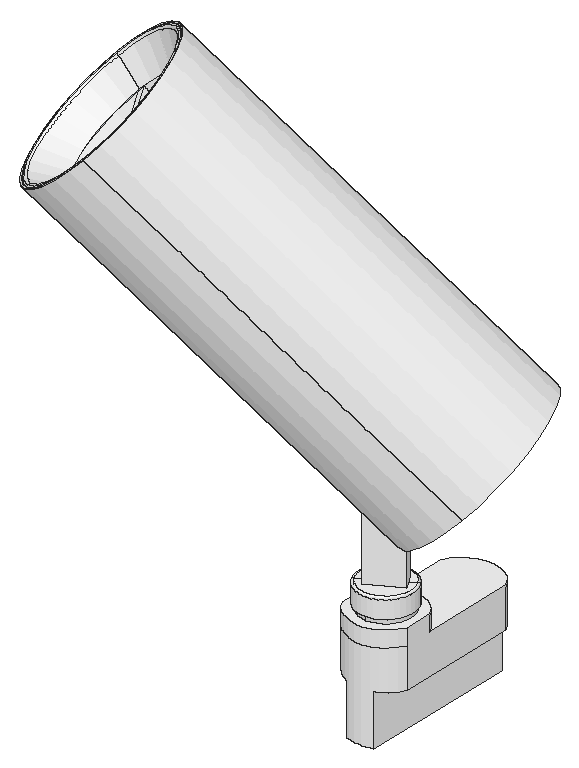
Revit family "0005426 Sylvania Lighting Fixture START Track Spot Integral 930 MB WB WHT", category Lighting Fixtures, host Face, Revit 2017
Family settings
  Host = Face
  Round Connector Dimension = Use Diameter
  Part Type = Normal
  OmniClass Number = 23.80.70.00
  OmniClass Title = Lighting
  Cut with Voids When Loaded = No
  Light Source = No
  Shared = No
  Room Calculation Point = No
Parameters (values of type "0005426 ST TRK SPT INTGRL 4500LM 930 MB WHT")
  Weight = "7.59 kg"
  Wattage Comments = ""
  WarrantyStartDate [instance] = "n/a"
  WarrantyGuarantorParts = "n/a"
  WarrantyDurationUnit = "n/a"
  WarrantyDurationParts = "n/a"
  WarrantyDescription = "n/a"
  Voltage = 230 V
  VerticalRotation_SYL [instance] = 60.00°
  VerticalEndAngle_SYL [instance] = VerticalRotation_SYL - 180.00°  # -120.00°
  URL = "http://www.sylvania-lighting.com"
  TypeName = "START Track Spot Integral 4500lm 930 MB WB WHT"
  TypeHead_SYL = START Track Spot Integral Head : 0005426 ST TRK SPT INTGRL 4500LM 930 MB WHT
  TypeArm_SYL = START Track Spot Integral Arm : START Track Spot Integral WH
  Type Image = <None>
  Type Comments = "n/a"
  SerialNumber [instance] = "n/a"
  Material_3_SYL = none
  PowerFactor = 0
  PowerConsumption = "55 W"
  NominalLength = 0 mm
  NominalHeight = 0 mm
  NominalDepth = 0 mm
  Name = "START Track Spot Integral 4500lm 930 MB WB WHT"
  ModelReference = Name  # "START Track Spot Integral 4500lm 930 MB WB WHT"
  ModelNumber = "0005426"
  Model = Name  # "START Track Spot Integral 4500lm 930 MB WB WHT"
  Material = "n/a"
  ManufacturerName = "Feilo Sylvania"
  Manufacturer = "Feilo Sylvania"
  LuminousEfficacy = "88.23 lm/W"
  LuminaireType = ""
  LightOutputRatio = "n/a"
  LampsType = Lamp  # "LED"
  LampNominalLuminous = "4700 lm"
  LampMacAdamStep = "3"
  LampColourTemperature = "3000"
  LampColourRenderingIndex = "90"
  Lamp = "LED"
  Keynote = "16500"
  InstallationDate [instance] = "n/a"
  InputVoltage = "220-240V~"
  InputNominalFrequency = "50/60 Hz"
  IngressProtection = "IP20"
  ImpactProtectionIndex = "IK03"
  IfcExportType = "IfcLightFixtureType"
  IfcExportAs = "IfcLightFixtureType"
  HorizontalRotation_SYL [instance] = 45.00°
  ExpectedLife = 50000
  ElectricShockClassification = "Class I"
  DurationUnit = "hours"
  DocumentationLiterature = "http://www.sylvania-lighting.com/product/en-int/products/0005426"
  DimmingControlOptions = "Non dimmable"
  Material_2_SYL = Spacer-Sylvania-StartTrackSpot-Aluminium
  Description = ""
  Default Elevation = 1219.2 mm
  CreatedOn = "9/6/2018"
  CreatedBy = ""
  Cost = 0
  built-in parameter 1114216 [instance] = (empty or 0)
  ClassificationValue = "EF_70_80"
  ClassificationName = "Uniclass2015"
  Material_1_SYL = Body-Sylvania-StartTrackSpot-White
  BarCode [instance] = "n/a"
  AssetType = "Fixed"
  AssetIdentifier [instance] = "n/a"
  Assembly Code = "D5020200"
  Apparent Load = 55 VA
  Material_4_SYL = none
Types (2, lengths in mm): name | TypeName | TypeHead_SYL | Name | ModelReference | Model | LuminousEfficacy | LampNominalLuminous
  0005426 ST TRK SPT INTGRL 4500LM 930 MB WHT | "START Track Spot Integral 4500lm 930 MB WB WHT" | START Track Spot Integral Head : 0005426 ST TRK SPT INTGRL 4500LM 930 MB WHT | "START Track Spot Integral 4500lm 930 MB WB WHT" | "START Track Spot Integral 4500lm 930 MB WB WHT" | "START Track Spot Integral 4500lm 930 MB WB WHT" | "88.23 lm/W" | "4700 lm"
  0005426 ST TRK SPT INTGRL 5000LM 930 WB WHT | "START Track Spot Integral 5000lm 930 MB WB WHT" | START Track Spot Integral Head : 0005426 ST TRK SPT INTGRL 5000LM 930 WB WHT | "START Track Spot Integral 5000lm 930 MB WB WHT" | "START Track Spot Integral 5000lm 930 MB WB WHT" | "START Track Spot Integral 5000lm 930 MB WB WHT" | "91.17 lm/W" | "5000 lm"
Reference planes
  plane 1 "Center (Front/Back)": y = 0
  plane 2: z = 0
  plane 3 "Center (Left/Right)": x = 0
  plane 4: x = 16.6
  plane 5: x = -16.6
  plane 6: x = 7
  plane 7: x = -7
  plane 8: x = -12.8
  plane 9: y = 42
  plane 10: y = 42
  plane 11: y = -42
  plane 12: y = 31.4
  plane 13: y = -31.4
  plane 14: z = -26
  plane 15: z = 20.3
  plane 16: z = 28.5
  plane 17: z = 31.2
  plane 18: y = -17.4
  plane 19: y = -6.8
  plane 20: y = -24.4
Forms (mm)
  Extrusion 1, solid, material "Body-Sylvania-StartTrackSpot-White" <- "Material_1_SYL"
    sketch origin (0, 0, 0) x (1, 0, 0) y (0, 1, 0)
      loop
        line (-16.6, 31.4) -> (-16.6, -31.4)
        arc (-16.6, -31.4) -> (0, -42) -> (16.6, -31.4) r 18.298
        line (16.6, -31.4) -> (16.6, 31.4)
        arc (16.6, 31.4) -> (0, 42) -> (-16.6, 31.4) r 18.298
    from -26 to 20.3
  Extrusion 2, void
    sketch origin (0, 0, 0) x (1, 0, 0) y (0, 1, 0)
      loop
        arc (-7, 40.608) -> (-12.666, 36.907) -> (-16.6, 31.4) r 18.298
        line (-16.6, 31.4) -> (-16.6, -31.4)
        arc (-16.6, -31.4) -> (-12.666, -36.907) -> (-7, -40.608) r 18.298
        line (-7, -40.608) -> (-7, 40.608)
      loop
        line (16.6, -31.4) -> (16.6, 31.4)
        arc (16.6, 31.4) -> (12.666, 36.907) -> (7, 40.608) r 18.298
        line (7, 40.608) -> (7, -40.608)
        arc (7, -40.608) -> (12.666, -36.907) -> (16.6, -31.4) r 18.298
    from 0 to -26
  Extrusion 3, solid, material "Body-Sylvania-StartTrackSpot-White" <- "Material_1_SYL"
    sketch origin (1223.4, -4572, 20.3) x (0, -1, 0) y (-1, 0, 0)
      loop
        line (-4540.6, 1240) -> (-4554.6, 1240)
        arc (-4554.6, 1240) -> (-4565.2, 1223.4) -> (-4554.6, 1206.8) r 18.298
        line (-4554.6, 1206.8) -> (-4540.6, 1206.8)
        arc (-4540.6, 1206.8) -> (-4530, 1223.4) -> (-4540.6, 1240) r 18.298
    from -8.2 to 0
  Extrusion 4, solid, material "Spacer-Sylvania-StartTrackSpot-Aluminium" <- "Material_2_SYL"
    sketch origin (1223.4, -4572, 28.5) x (0, -1, 0) y (-1, 0, 0)
      loop
        circle (-4547.6, 1223.4) r 12.7
    from 0 to -2.7
  Revolve 5, solid, not visible
    sketch origin (1524, -24.4, 1219.2) x (1, 0, 0) y (0, 0, 1)
      loop
        line (-1524, -1188) -> (-1524, -1168.735) -> (-1531, -1168.735) -> (-1531, -1188) -> (-1524, -1188)
      axis (-1524, -1168.735) -> (-1524, -1188)
    angle from 60 <- "VerticalRotation_SYL" to -120 <- "VerticalEndAngle_SYL"
Cuts and joins
  Extrusion 2 cuts Extrusion 1
  joined: Extrusion 1, Extrusion 3
Lines and regions (mm)
  reference lines
    curve 1: circle (0, -24.4, 0) r 12.7 normal (0, 0, 1)
    curve 2: arc (-16.6, -31.4, 0) -> (0, -42, 0) -> (16.6, -31.4, 0) r 18.298
    curve 3: arc (-16.6, -17.4, 0) -> (0, -6.8, 0) -> (16.6, -17.4, 0) r 18.298
    curve 4: arc (-16.6, 31.4, 0) -> (0, 42, 0) -> (16.6, 31.4, 0) r 18.298
Dimensions and locks
  plane 6 to plane 3 "Center (Left/Right)" to plane 7 = 7 mm locked, 7 mm locked
  plane 4 to plane 3 "Center (Left/Right)" to plane 5 = 16.6 mm locked, 16.6 mm locked
  locked: plane 3 "Center (Left/Right)" to plane 8 at 12.8
  plane 11 to plane 1 "Center (Front/Back)" to plane 10 = 42 mm locked, 42 mm locked
  plane 13 to plane 1 "Center (Front/Back)" to plane 12 = 31.4 mm locked, 31.4 mm locked
  locked: plane 2 to plane 14 at 26
  locked: plane 15 to plane 2 at 20.3
  plane 17 to plane 16 to plane 15 = 2.7 mm locked, 8.2 mm locked
  locked: plane 13 to plane 18 at 14
  locked: plane 18 to plane 19 at 10.6
  equal spacing: plane 13, plane 20, plane 18
  locked: plane 20 to curve 2 at 0.698
  locked: curve 3 to plane 20 at 0.698
  aligned and locked: plane 2 to host face
  aligned and locked: level to host face
  aligned and locked: plane 3 "Center (Left/Right)" to curve 1
  aligned and locked: plane 20 to curve 1
  aligned and locked: plane 13 to curve 2  (x2)
  aligned and locked: plane 18 to curve 3  (x2)
  aligned and locked: plane 12 to curve 4  (x2)
  aligned and locked: plane 4 to curve 4
  aligned and locked: plane 3 "Center (Left/Right)" to curve 4
  aligned and locked: plane 5 to curve 2
  aligned and locked: plane 5 to curve 3
  aligned and locked: plane 4 to curve 3
  aligned and locked: plane 4 to curve 2
  aligned and locked: plane 12 to Extrusion 1 sketch curve
  aligned and locked: plane 13 to Extrusion 1 sketch curve
  aligned and locked: Extrusion 1 sketch curve to curve 4
  aligned and locked: Extrusion 1 sketch curve to curve 2
  aligned and locked: Extrusion 1 to plane 15
  aligned and locked: plane 14 to Extrusion 1
  aligned and locked: Extrusion 2 sketch curve to Extrusion 1  (x5)
  aligned and locked: Extrusion 2 sketch curve to plane 7
  aligned and locked: plane 14 to Extrusion 2
  aligned and locked: level to Extrusion 2
  aligned and locked: Extrusion 3 sketch curve to cut or joined group of Extrusion 1, Extrusion 2, Extrusion 3  (x2)
  aligned and locked: Extrusion 3 sketch curve to curve 3
  aligned and locked: cut or joined group of Extrusion 1, Extrusion 2, Extrusion 3 to Extrusion 3 sketch curve
  aligned and locked: Extrusion 3 to plane 16
  aligned and locked: plane 15 to Extrusion 3
  aligned and locked: Extrusion 4 sketch curve to curve 1
  aligned and locked: Extrusion 4 to plane 17
  aligned and locked: plane 16 to Extrusion 4
  aligned and locked: Revolve 5 sketch curve to plane 3 "Center (Left/Right)"
  aligned and locked: Extrusion 4 to Revolve 5 sketch curve
  aligned and locked: Revolve 5 sketch curve to Extrusion 4
  aligned and locked: plane 17 to nested 1
Automatic sketch dimensions
  host sketch curve to host sketch curve = 2438.4 mm  (x2)
  plane 12 to curve 4 = 7.698 mm
  plane 12 to Extrusion 2 sketch curve = 0 mm
  Extrusion 2 sketch curve to Extrusion 2 sketch curve = 0 mm  (x2)
  Extrusion 2 sketch curve to plane 6 = 0 mm
  Revolve 5 sketch curve to plane 7 = 0 mm
  Revolve 5 sketch curve to Revolve 5 sketch curve = 19.265 mm
  plane 14 to Revolve 5 sketch curve = 583.6 mm
  Revolve 5 sketch curve to Revolve 5 sketch curve = 2558.594 mm
  radius of curve 1 = 12.7 mm
Nested families
  nested 1: "START Track Spot Integral Arm" at (0, -24.4, 31.2) x (0, 0, -1) z (0.866, 0.5, 0), type <- "TypeArm_SYL", HorizontalRotation_SYL <- "HorizontalRotation_SYL", type "START Track Spot Integral WH"
    with HorizontalRotation_SYL 45.00°, HorizontalEndAngle_SYL -135.00°
  nested 2: "START Track Spot Integral Head" at (22.045, -11.672, 108.656) x (-0.5, 0.866, 0) z (0.6124, 0.3536, -0.7071), type <- "TypeHead_SYL", type "0005426 ST TRK SPT INTGRL 4500LM 930 MB WHT"
    with built-in parameter 1114216 (empty or 0)
Connectors
  electrical at (0, 0, 0), driven by "Apparent Load", driven by "PowerFactor", driven by "Voltage"
    settings: index 1, voltage 230 V, apparent load 55 VA, apparent load phase1 0 VA, apparent load phase2 0 VA, apparent load phase3 0 VA, power factor 0, load classification "Lighting", number of poles 1, system type 30, power factor state 1, is connector primary yes, connector utility no, sub classification motor no, connector description ""
Definition of nested family "START Track Spot Integral Arm"
  Parameters (values of type "START Track Spot Integral WH")
    URL = "http://www.sylvania-lighting.com"
    Type Image = (empty or 0)
    Type Comments = "n/a"
    Material_3_SYL = none
    Model = ""
    Manufacturer = "Feilo Sylvania"
    Keynote = ""
    Material_2_SYL = none
    HorizontalRotation_SYL [instance] = 0.00°
    HorizontalEndAngle_SYL [instance] = HorizontalRotation_SYL - 180.00°  # -180.00°
    Description = ""
    Default Elevation = 1219.2 mm
    Cost = 0
    Material_1_SYL = none
    Assembly Code = ""
    Material_4_SYL = none
  Types (2): name
    START Track Spot Integral WH
    START Track Spot Integral BL
  Reference planes
    plane 1 "Center (Front/Back)": y = 0
    plane 2: z = 0
    plane 3 "Center (Left/Right)": x = 0
    plane 4: x = -10
    plane 5: z = -14
    plane 6: z = -14
    plane 7: z = 14
    plane 8: x = -52
    plane 9: z = 9
    plane 10: z = -9
    plane 11: x = -60
    plane 12: y = 4.5
    plane 13: y = -4.5
    plane 14: x = -9
    plane 15: z = 13
    plane 16: z = 4
    plane 17: z = -4
    plane 18: x = -55
  Forms (mm)
    Extrusion 1, solid
      sketch origin (4.2, 0, 0) x (1, 0, 0) y (0, 1, 0)
        loop
          line (-1219.2, 1219.2) -> (-1219.2, -1219.2) -> (1219.2, -1219.2) -> (1219.2, 1219.2) -> (-1219.2, 1219.2)
      from 0 to -68.017
    Revolve 2, solid, material <- "Material_1_SYL"
      sketch origin (0, 0, 0) x (1, 0, 0) y (0, 0, 1)
        loop
          line (0, 0) -> (0, 14) -> (-9, 14)
          arc (-9, 14) -> (-9.707, 13.707) -> (-10, 13) r 1
          line (-10, 13) -> (-10, 0) -> (0, 0)
        axis (-10, 0) -> (0, 0)
      angle from 360 to 0
    Extrusion 3, solid, material <- "Material_1_SYL"
      sketch origin (0, 0, 0) x (1, 0, 0) y (0, 0, 1)
        loop
          line (-10, 9) -> (-55, 9)
          arc (-55, 9) -> (-58.536, 7.536) -> (-60, 4) r 5
          line (-60, 4) -> (-60, -4)
          arc (-60, -4) -> (-58.536, -7.536) -> (-55, -9) r 5
          line (-55, -9) -> (-10, -9) -> (-10, 9)
      from -4.5 to 4.5
    Revolve 4, solid, not visible
      sketch origin (-52, -4572, 2609.058) x (0, 0, 1) y (0, -1, 0)
        loop
          line (-2609.058, -4553.46) -> (-2609.058, -4590.54) -> (-2605.058, -4590.54) -> (-2605.058, -4553.46) -> (-2609.058, -4553.46)
        axis (-2609.058, -4553.46) -> (-2609.058, -4590.54)
      angle from 0 <- "HorizontalRotation_SYL" to -180 <- "HorizontalEndAngle_SYL"
  Dimensions and locks
    locked: plane 3 "Center (Left/Right)" to plane 4 at 10
    plane 7 to plane 2 to plane 6 = 14 mm locked, 14 mm locked
    locked: plane 4 to plane 8 at 42
    plane 13 to plane 1 "Center (Front/Back)" to plane 12 = 4.5 mm locked, 4.5 mm locked
    locked: plane 14 to plane 4 at 1
    locked: plane 7 to plane 15 at 1
    locked: plane 9 to plane 16 at 5
    locked: plane 17 to plane 10 at 5
    equal spacing: Revolve 4 sketch curve, plane 1 "Center (Front/Back)", Revolve 4 sketch curve
    locked: Revolve 4 sketch curve to plane 1 "Center (Front/Back)" at 18.54
    locked: plane 18 to plane 11 at 5
    locked: plane 4 to plane 11 at 50
    aligned and locked: plane 2 to Extrusion 1
    aligned and locked: level to Extrusion 1
    aligned and locked: level to Revolve 2 sketch curve  (x2)
    aligned and locked: plane 3 "Center (Left/Right)" to Revolve 2 sketch curve
    aligned and locked: Revolve 2 sketch curve to plane 7
    aligned and locked: plane 4 to Revolve 2 sketch curve
    aligned and locked: plane 15 to Revolve 2 sketch curve
    aligned and locked: plane 14 to Revolve 2 sketch curve
    aligned and locked: Revolve 2 sketch curve to plane 2
    aligned and locked: Extrusion 3 sketch curve to plane 9
    aligned and locked: plane 4 to Extrusion 3 sketch curve
    aligned and locked: plane 10 to Extrusion 3 sketch curve
    aligned and locked: Extrusion 3 sketch curve to plane 11
    aligned and locked: plane 13 to Extrusion 3
    aligned and locked: Extrusion 3 to plane 12
    aligned and locked: plane 16 to Extrusion 3 sketch curve
    aligned and locked: plane 17 to Extrusion 3 sketch curve
    aligned and locked: Revolve 4 sketch curve to level
    aligned and locked: Revolve 4 sketch curve to plane 16
    aligned and locked: Revolve 4 sketch curve to plane 2
    aligned and locked: plane 18 to Extrusion 3 sketch curve  (x2)
Definition of nested family "START Track Spot Integral Head"
  Parameters (values of type "0005432 ST TRK SPT INTGRL 5000LM 940 WB WHT")
    WidthCutOut_SYL = 9.5 mm  # constant formula
    Wattage Comments = "n/a"
    Wattage = 55 W
    built-in parameter 1150110 = 1 (stored number, unit not read)
    URL = "http://www.sylvania-lighting.com"
    Type Image = (empty or 0)
    Type Comments = "n/a"
    built-in parameter 1114217 = 1 (stored number, unit not read)
    Tilt Angle = 90.00°
    built-in parameter 1150109 = 1 (stored number, unit not read)
    built-in parameter 1150134 = 12
    built-in parameter 1150113 = 1 (stored number, unit not read)
    S_SYL = no
    RadiusLensOut_SYL = if(S_SYL, 21 mm, if(M_SYL, 30.5 mm, 33 mm))  # 33 mm
    RadiusLensHolder_SYL = 1.8 mm  # constant formula
    RadiusHead_SYL = if(S_SYL, 30 mm, if(M_SYL, 40 mm, 45.5 mm))  # 45.5 mm
    RadiusEmission_SYL = if(S_SYL, 8 mm, if(M_SYL, 16.5 mm, 16.5 mm))  # 16.5 mm
    Photometric Web File = "0005432 WB.ies"
    Material_3_SYL = none
    Model = "ST TRK SPT INTGRL 5000LM 940 WB WHT"
    Manufacturer = "Feilo Sylvania"
    M_SYL = no
    built-in parameter 1150105 = 397.89 (stored number, unit not read)
    Lumens = 5000 lm
    built-in parameter 1150115 = 1 (stored number, unit not read)
    built-in parameter 1150137 = (empty or 0)
    built-in parameter 1150139 = (empty or 0)
    built-in parameter 1150112 = 1 (stored number, unit not read)
    built-in parameter 1150114 = 1 (stored number, unit not read)
    Lamp = "LED"
    Keynote = "16500"
    Material_2_SYL = none
    built-in parameter 1150132 = (empty or 0)
    built-in parameter 1150102 = (empty or 0)
    built-in parameter 1150107 = 4000 (stored number, unit not read)
    built-in parameter 1150138 = (empty or 0)
    built-in parameter 1150106 = 3.9789 (stored number, unit not read)
    Height_SYL = if(S_SYL, 160 mm, if(M_SYL, 200 mm, 215 mm))  # 215 mm
    Emit from Circle Diameter = RadiusLensOut_SYL * 2  # 66 mm
    Emit Shape Visible in Rendering = no
    built-in parameter 1150104 = 8.4457 (stored number, unit not read)
    DistRotateAxisY_SYL = 16.8 mm  # constant formula
    Dimming Lamp Color Temperature Shift = (empty or 0)
    Description = ""
    DepthLens_SYL = 1.25 * (RadiusHead_SYL - 1 mm - RadiusLensOut_SYL)  # 14.375 mm
    DepthEmission_SYL = Height_SYL / 6.4  # 33.594 mm
    DepthCutOut_SYL = WidthCutOut_SYL * 2  # 19 mm
    Default Elevation = 1219.2 mm
    Cost = 0
    Color Filter = 16777215
    built-in parameter 1114216 [instance] = (empty or 0)
    Material_1_SYL = none
    built-in parameter 1114218 = 1 (stored number, unit not read)
    built-in parameter 1150133 = 10 (stored number, unit not read)
    Assembly Code = "D5020200"
    Apparent Load = 55 VA
    Material_4_SYL = none
  Types (24, lengths in mm): name | Wattage | built-in parameter 1150134 | S_SYL | RadiusLensOut_SYL | RadiusHead_SYL | RadiusEmission_SYL | Photometric Web File | Model | M_SYL | built-in parameter 1150105 | Lumens | built-in parameter 1150107 | built-in parameter 1150106 | Height_SYL | Emit from Circle Diameter | built-in parameter 1150104 | DepthLens_SYL | DepthEmission_SYL | Apparent Load
    0005433 ST TRK SPT INTGRL 5000LM 940 WB BLK | 55 W | 12 | no | 33 | 45.5 | 16.5 | "0005433 WB.ies" | "ST TRK SPT INTGRL 5000LM 940 WB BLK" | no | 397.89 (stored number, unit not read) | 5000 lm | 4000 (stored number, unit not read) | 3.9789 (stored number, unit not read) | 215 | 66 | 8.4457 (stored number, unit not read) | 14.375 | 33.594 | 55 VA
    0005433 ST TRK SPT INTGRL 5000LM 940 MB BLK | 55 W | 12 | no | 33 | 45.5 | 16.5 | "0005433 MB.ies" | "ST TRK SPT INTGRL 5000LM 940 MB BLK" | no | 397.89 (stored number, unit not read) | 5000 lm | 4000 (stored number, unit not read) | 3.9789 (stored number, unit not read) | 215 | 66 | 8.4457 (stored number, unit not read) | 14.375 | 33.594 | 55 VA
    0005432 ST TRK SPT INTGRL 5000LM 940 WB WHT | 55 W | 12 | no | 33 | 45.5 | 16.5 | "0005432 WB.ies" | "ST TRK SPT INTGRL 5000LM 940 WB WHT" | no | 397.89 (stored number, unit not read) | 5000 lm | 4000 (stored number, unit not read) | 3.9789 (stored number, unit not read) | 215 | 66 | 8.4457 (stored number, unit not read) | 14.375 | 33.594 | 55 VA
    0005432 ST TRK SPT INTGRL 5000LM 940 MB WHT | 55 W | 12 | no | 33 | 45.5 | 16.5 | "0005432 MB.ies" | "ST TRK SPT INTGRL 5000LM 940 MB WHT" | no | 397.89 (stored number, unit not read) | 5000 lm | 4000 (stored number, unit not read) | 3.9789 (stored number, unit not read) | 215 | 66 | 8.4457 (stored number, unit not read) | 14.375 | 33.594 | 55 VA
    0005431 ST TRK SPT INTGRL 3000LM 940 WB BLK | 33 W | 12 | no | 30.5 | 40 | 16.5 | "0005431 WB.ies" | "ST TRK SPT INTGRL 3000LM 940 WB BLK" | yes | 238.73 (stored number, unit not read) | 3000 lm | 4000 (stored number, unit not read) | 2.3873 (stored number, unit not read) | 200 | 61 | 8.4457 (stored number, unit not read) | 10.625 | 31.25 | 33 VA
    0005431 ST TRK SPT INTGRL 3000LM 940 MB BLK | 33 W | 12 | no | 30.5 | 40 | 16.5 | "0005431 MB.ies" | "ST TRK SPT INTGRL 3000LM 940 MB BLK" | yes | 238.73 (stored number, unit not read) | 3000 lm | 4000 (stored number, unit not read) | 2.3873 (stored number, unit not read) | 200 | 61 | 8.4457 (stored number, unit not read) | 10.625 | 31.25 | 33 VA
    0005430 ST TRK SPT INTGRL 3000LM 940 WB WHT | 33 W | 12 | no | 30.5 | 40 | 16.5 | "0005430 WB.ies" | "ST TRK SPT INTGRL 3000LM 940 WB WHT" | yes | 238.73 (stored number, unit not read) | 3000 lm | 4000 (stored number, unit not read) | 2.3873 (stored number, unit not read) | 200 | 61 | 8.4457 (stored number, unit not read) | 10.625 | 31.25 | 33 VA
    0005430 ST TRK SPT INTGRL 3000LM 940 MB WHT | 33 W | 12 | no | 30.5 | 40 | 16.5 | "0005430 MB.ies" | "ST TRK SPT INTGRL 3000LM 940 MB WHT" | yes | 238.73 (stored number, unit not read) | 3000 lm | 4000 (stored number, unit not read) | 2.3873 (stored number, unit not read) | 200 | 61 | 8.4457 (stored number, unit not read) | 10.625 | 31.25 | 33 VA
    0005429 ST TRK SPT INTGRL 1500LM 940 WB BLK | 17 W | 12 | yes | 21 | 30 | 8 | "0005429 WB.ies" | "ST TRK SPT INTGRL 1500LM 940 WB BLK" | no | 119.37 (stored number, unit not read) | 1500 lm | 4000 (stored number, unit not read) | 1.1937 (stored number, unit not read) | 160 | 42 | 8.1973 (stored number, unit not read) | 10 | 25 | 17 VA
    0005429 ST TRK SPT INTGRL 1500LM 940 MB BLK | 17 W | 12 | yes | 21 | 30 | 8 | "0005429 MB.ies" | "ST TRK SPT INTGRL 1500LM 940 MB BLK" | no | 119.37 (stored number, unit not read) | 1500 lm | 4000 (stored number, unit not read) | 1.1937 (stored number, unit not read) | 160 | 42 | 8.1973 (stored number, unit not read) | 10 | 25 | 17 VA
    0005428 ST TRK SPT INTGRL 1500LM 940 WB WHT | 17 W | 12 | yes | 21 | 30 | 8 | "0005428 WB.ies" | "ST TRK SPT INTGRL 1500LM 940 WB WHT" | no | 119.37 (stored number, unit not read) | 1500 lm | 4000 (stored number, unit not read) | 1.1937 (stored number, unit not read) | 160 | 42 | 8.1973 (stored number, unit not read) | 10 | 25 | 17 VA
    0005428 ST TRK SPT INTGRL 1500LM 940 MB WHT | 17 W | 12 | yes | 21 | 30 | 8 | "0005428 MB.ies" | "ST TRK SPT INTGRL 1500LM 940 MB WHT" | no | 119.37 (stored number, unit not read) | 1500 lm | 4000 (stored number, unit not read) | 1.1937 (stored number, unit not read) | 160 | 42 | 8.1973 (stored number, unit not read) | 10 | 25 | 17 VA
    0005427 ST TRK SPT INTGRL 4500LM 930 WB BLK | 55 W | (empty or 0) | no | 33 | 45.5 | 16.5 | "0005427 WB.ies" | "ST TRK SPT INTGRL 4500LM 930 WB BLK" | no | 358.1 (stored number, unit not read) | 4500 lm | 3000 (stored number, unit not read) | 3.581 (stored number, unit not read) | 215 | 66 | 7.6012 (stored number, unit not read) | 14.375 | 33.594 | 55 VA
    0005427 ST TRK SPT INTGRL 4500LM 930 MB BLK | 55 W | (empty or 0) | no | 33 | 45.5 | 16.5 | "0005427 MB.ies" | "ST TRK SPT INTGRL 4500LM 930 MB BLK" | no | 358.1 (stored number, unit not read) | 4500 lm | 3000 (stored number, unit not read) | 3.581 (stored number, unit not read) | 215 | 66 | 7.6012 (stored number, unit not read) | 14.375 | 33.594 | 55 VA
    0005426 ST TRK SPT INTGRL 4500LM 930 WB WHT | 55 W | (empty or 0) | no | 33 | 45.5 | 16.5 | "0005426 WB.ies" | "ST TRK SPT INTGRL 4500LM 930 WB WHT" | no | 358.1 (stored number, unit not read) | 4500 lm | 3000 (stored number, unit not read) | 3.581 (stored number, unit not read) | 215 | 66 | 7.6012 (stored number, unit not read) | 14.375 | 33.594 | 55 VA
    0005426 ST TRK SPT INTGRL 4500LM 930 MB WHT | 55 W | (empty or 0) | no | 33 | 45.5 | 16.5 | "0005426 MB.ies" | "ST TRK SPT INTGRL 4500LM 930 MB WHT" | no | 358.1 (stored number, unit not read) | 4500 lm | 3000 (stored number, unit not read) | 3.581 (stored number, unit not read) | 215 | 66 | 7.6012 (stored number, unit not read) | 14.375 | 33.594 | 55 VA
    0005425 ST TRK SPT INTGRL 2700LM 930 WB BLK | 33 W | (empty or 0) | no | 30.5 | 40 | 16.5 | "0005425 WB.ies" | "ST TRK SPT INTGRL 2700LM 930 WB BLK" | yes | 214.86 (stored number, unit not read) | 2700 lm | 3000 (stored number, unit not read) | 2.1486 (stored number, unit not read) | 200 | 61 | 7.6012 (stored number, unit not read) | 10.625 | 31.25 | 33 VA
    0005425 ST TRK SPT INTGRL 2700LM 930 MB BLK | 33 W | (empty or 0) | no | 30.5 | 40 | 16.5 | "0005425 MB.ies" | "ST TRK SPT INTGRL 2700LM 930 MB BLK" | yes | 214.86 (stored number, unit not read) | 2700 lm | 3000 (stored number, unit not read) | 2.1486 (stored number, unit not read) | 200 | 61 | 7.6012 (stored number, unit not read) | 10.625 | 31.25 | 33 VA
    0005424 ST TRK SPT INTGRL 2700LM 930 WB WHT | 33 W | (empty or 0) | no | 30.5 | 40 | 16.5 | "0005424 WB.ies" | "ST TRK SPT INTGRL 2700LM 930 WB WHT" | yes | 214.86 (stored number, unit not read) | 2700 lm | 3000 (stored number, unit not read) | 2.1486 (stored number, unit not read) | 200 | 61 | 7.6012 (stored number, unit not read) | 10.625 | 31.25 | 33 VA
    0005424 ST TRK SPT INTGRL 2700LM 930 MB WHT | 33 W | (empty or 0) | no | 30.5 | 40 | 16.5 | "0005424 MB.ies" | "ST TRK SPT INTGRL 2700LM 930 MB WHT" | yes | 214.86 (stored number, unit not read) | 2700 lm | 3000 (stored number, unit not read) | 2.1486 (stored number, unit not read) | 200 | 61 | 7.6012 (stored number, unit not read) | 10.625 | 31.25 | 33 VA
    0005423 ST TRK SPT INTGRL 1360LM 930 WB BLK | 17 W | (empty or 0) | yes | 21 | 30 | 8 | "0005423 WB.ies" | "ST TRK SPT INTGRL 1360LM 930 WB BLK" | no | 108.23 (stored number, unit not read) | 1360 lm | 3000 (stored number, unit not read) | 1.0823 (stored number, unit not read) | 160 | 42 | 7.4322 (stored number, unit not read) | 10 | 25 | 17 VA
    0005423 ST TRK SPT INTGRL 1360LM 930 MB BLK | 17 W | (empty or 0) | yes | 21 | 30 | 8 | "0005423 MB.ies" | "ST TRK SPT INTGRL 1360LM 930 MB BLK" | no | 108.23 (stored number, unit not read) | 1360 lm | 3000 (stored number, unit not read) | 1.0823 (stored number, unit not read) | 160 | 42 | 7.4322 (stored number, unit not read) | 10 | 25 | 17 VA
    0005422 ST TRK SPT INTGRL 1360LM 930 WB WHT | 17 W | (empty or 0) | yes | 21 | 30 | 8 | "0005422 WB.ies" | "ST TRK SPT INTGRL 1360LM 930 WB WHT" | no | 108.23 (stored number, unit not read) | 1360 lm | 3000 (stored number, unit not read) | 1.0823 (stored number, unit not read) | 160 | 42 | 7.4322 (stored number, unit not read) | 10 | 25 | 17 VA
    0005422 ST TRK SPT INTGRL 1360LM 930 MB WHT | 17 W | (empty or 0) | yes | 21 | 30 | 8 | "0005422 MB.ies" | "ST TRK SPT INTGRL 1360LM 930 MB WHT" | no | 108.23 (stored number, unit not read) | 1360 lm | 3000 (stored number, unit not read) | 1.0823 (stored number, unit not read) | 160 | 42 | 7.4322 (stored number, unit not read) | 10 | 25 | 17 VA
  Reference planes
    plane 1 "Center (Front/Back)": y = 0
    plane 2: z = 0
    plane 3 "Center (Left/Right)": x = 0
    plane 4: x = 45.5
    plane 5: z = 16.8
    plane 6: z = -198.2
    plane 7: x = 44.5
    plane 8: x = 33
    plane 9: x = 16.5
    plane 10: z = -183.825
    plane 11: z = -164.606
    plane 12: z = -11.2
    plane 13: x = 43.5
    plane 14: x = 38.25
    plane 15: z = -181.825
    plane 16: z = -162.606
    plane 17: z = -1
    plane 18: x = 4.75
    plane 19: x = -4.75
    plane 20: y = -45.5
    plane 21: y = -26.5
    plane 22: x = 42.5
    plane 23: y = -36
  Forms (mm)
    Extrusion 1, solid
      sketch origin (4.2, 0, 0) x (1, 0, 0) y (0, 1, 0)
        loop
          line (-1219.2, 1219.2) -> (-1219.2, -1219.2) -> (1219.2, -1219.2) -> (1219.2, 1219.2) -> (-1219.2, 1219.2)
      from 0 to -68.017
    Revolve 2, solid, material <- "Material_1_SYL"
      sketch origin (0, 0, 0) x (1, 0, 0) y (0, 0, 1)
        loop
          line (45.5, -198.2) -> (45.5, 16.8) -> (44.5, 16.8) -> (44.5, -198.2) -> (45.5, -198.2)
        axis (0, 16.8) -> (0, -198.2)
      angle from 360 to 0
    Revolve 3, solid, material <- "Material_1_SYL"
      sketch origin (0, 0, 0) x (1, 0, 0) y (0, 0, 1)
        loop
          line (44.5, 16.8) -> (43.5, 16.8)
          arc (43.5, 16.8) -> (38.25, 15.673) -> (33, 16.8) r 12.796
          line (33, 16.8) -> (0, 16.8) -> (0, -11.2) -> (44.5, -11.2) -> (44.5, 16.8)
        axis (0, 16.8) -> (0, -11.2)
      angle from 360 to 0
    Revolve 4, solid, material <- "Material_2_SYL"
      sketch origin (0, 0, 0) x (1, 0, 0) y (0, 0, 1)
        loop
          line (44.5, -181.825) -> (0, -181.825) -> (0, -183.825) -> (44.5, -183.825) -> (44.5, -181.825)
        axis (0, -181.825) -> (0, -183.825)
      angle from 360 to 0
    Revolve 5, solid
      sketch origin (0, 0, 0) x (1, 0, 0) y (0, 0, 1)
        loop
          line (0, -164.606) -> (16.5, -164.606)
          arc (16.5, -164.606) -> (30.37, -169.432) -> (38.25, -181.825) r 22.346
          line (38.25, -181.825) -> (44.5, -181.825) -> (44.5, -162.606) -> (0, -162.606) -> (0, -164.606)
        axis (0, -162.606) -> (0, -181.825)
      angle from 360 to 0
    Extrusion 6, void
      sketch origin (1524, -45.5, 1219.2) x (-1, 0, 0) y (0, 0, 1)
        loop
          line (1528.75, -1230.4) -> (1528.75, -1202.4) -> (1519.25, -1202.4) -> (1519.25, -1230.4) -> (1528.75, -1230.4)
      from 0 to 19
    Revolve 7, solid, material <- "Material_1_SYL"
      sketch origin (0, 0, 0) x (1, 0, 0) y (0, 0, 1)
        loop
          line (33, -183.825) -> (42.006, -197.453)
          arc (42.006, -197.453) -> (42.534, -197.999) -> (43.267, -198.2) r 1.437
          line (43.267, -198.2) -> (44.5, -198.2) -> (44.5, -183.825) -> (33, -183.825)
        axis (0, -183.825) -> (0, -198.2)
      angle from 360 to 0
  Cuts and joins
    Extrusion 6 cuts Revolve 3
    Extrusion 6 cuts Revolve 2
  Lines and regions (mm)
    reference lines
      curve 1: arc (33, 0, 16.8) -> (38.25, 0, 15.673) -> (43.5, 0, 16.8) r 12.796
      curve 2: line (33, 0, -183.825) -> (42.5, 0, -198.2)
  Dimensions and locks
    "RadiusHead_SYL": plane 4 to plane 3 "Center (Left/Right)"
    "DistRotateAxisY_SYL": plane 5 to plane 2
    "Height_SYL": plane 5 to plane 6
    locked: plane 4 to plane 7 at 1
    "RadiusLensOut_SYL": plane 8 to plane 3 "Center (Left/Right)"
    "RadiusEmission_SYL": plane 9 to plane 3 "Center (Left/Right)"
    "DepthLens_SYL": plane 10 to plane 6
    "DepthEmission_SYL": plane 11 to plane 6
    locked: plane 5 to plane 12 at 28
    locked: plane 4 to plane 13 at 2
    equal spacing: plane 13, plane 14, plane 8
    locked: plane 5 to curve 1 at 1.127
    locked: plane 15 to plane 10 at 2
    locked: plane 16 to plane 11 at 2
    locked: plane 2 to plane 17 at 1
    equal spacing: plane 18, plane 3 "Center (Left/Right)", plane 19
    "WidthCutOut_SYL": plane 18 to plane 19
    "RadiusHead_SYL": plane 20 to plane 1 "Center (Front/Back)"
    "DepthCutOut_SYL": plane 20 to plane 21
    locked: plane 4 to plane 22 at 3
    equal spacing: plane 20, plane 23, plane 21
    aligned and locked: plane 2 to Extrusion 1
    aligned and locked: level to Extrusion 1
    aligned and locked: plane 8 to curve 1
    aligned and locked: plane 13 to curve 1
    aligned and locked: plane 14 to curve 1
    aligned and locked: plane 5 to curve 1
    aligned and locked: Revolve 2 sketch curve to plane 3 "Center (Left/Right)"
    aligned and locked: Revolve 2 sketch curve to plane 6
    aligned and locked: Revolve 2 sketch curve to plane 4
    aligned and locked: plane 5 to Revolve 2 sketch curve
    aligned and locked: plane 7 to Revolve 2 sketch curve
    aligned and locked: Revolve 3 sketch curve to plane 3 "Center (Left/Right)"
    aligned and locked: Revolve 3 sketch curve to Revolve 2  (x3)
    aligned and locked: Revolve 3 sketch curve to plane 12
    aligned and locked: plane 3 "Center (Left/Right)" to Revolve 3 sketch curve
    aligned and locked: Revolve 3 sketch curve to curve 1
    aligned and locked: plane 5 to Revolve 3 sketch curve
    aligned and locked: Revolve 4 sketch curve to plane 3 "Center (Left/Right)"  (x2)
    aligned and locked: Revolve 4 sketch curve to plane 15
    aligned and locked: plane 7 to Revolve 4 sketch curve
    aligned and locked: Revolve 5 sketch curve to plane 3 "Center (Left/Right)"  (x2)
    aligned and locked: plane 3 "Center (Left/Right)" to Revolve 5 sketch curve
    aligned and locked: plane 9 to Revolve 5 sketch curve
    aligned and locked: plane 11 to Revolve 5 sketch curve
    aligned and locked: plane 14 to Revolve 5 sketch curve
    aligned and locked: plane 15 to Revolve 5 sketch curve
    aligned and locked: plane 12 to Extrusion 6 sketch curve
    aligned and locked: Extrusion 6 sketch curve to plane 19
    aligned and locked: Extrusion 6 sketch curve to plane 5
    aligned and locked: plane 18 to Extrusion 6 sketch curve
    aligned and locked: Extrusion 6 to plane 21
    aligned and locked: plane 20 to Extrusion 6
    aligned and locked: plane 10 to curve 2
    aligned and locked: plane 22 to curve 2
    aligned and locked: Revolve 7 sketch curve to plane 3 "Center (Left/Right)"
    aligned and locked: plane 10 to Revolve 7 sketch curve
    aligned and locked: Revolve 7 sketch curve to Revolve 4
    aligned and locked: Revolve 7 sketch curve to curve 2
    aligned and locked: plane 3 "Center (Left/Right)" to imposter light
    aligned and locked: imposter light to plane 1 "Center (Front/Back)"
    aligned and locked: imposter light to plane 10
  Automatic sketch dimensions
    Extrusion 1 sketch curve to Extrusion 1 sketch curve = 2438.4 mm  (x2)
    plane 6 to Revolve 2 sketch curve = 487.1 mm
    Revolve 2 sketch curve to plane 5 = 2571.558 mm
    plane 6 to Revolve 3 sketch curve = 487.1 mm
    Revolve 3 sketch curve to Revolve 3 sketch curve = 2566.685 mm
    plane 6 to Revolve 4 sketch curve = 487.1 mm
    Revolve 4 sketch curve to plane 5 = 2571.558 mm
    Revolve 5 sketch curve to plane 11 = 2 mm
    plane 6 to Revolve 5 sketch curve = 487.1 mm
    Revolve 5 sketch curve to plane 5 = 2571.558 mm
    Revolve 5 sketch curve to plane 7 = 0 mm
    Revolve 4 sketch curve to plane 10 = 0 mm
    curve 2 to plane 8 = 0 mm
    curve 1 to plane 14 = 0 mm
    curve 2 to plane 6 = 0 mm
    curve 1 to plane 13 = 0 mm
    Revolve 7 sketch curve to plane 6 = 0 mm
    Revolve 7 sketch curve to plane 22 = 0.494 mm
    Revolve 7 sketch curve to plane 13 = 0.233 mm
    plane 6 to Revolve 7 sketch curve = 474.6 mm
    Revolve 7 sketch curve to plane 5 = 2584.058 mm
